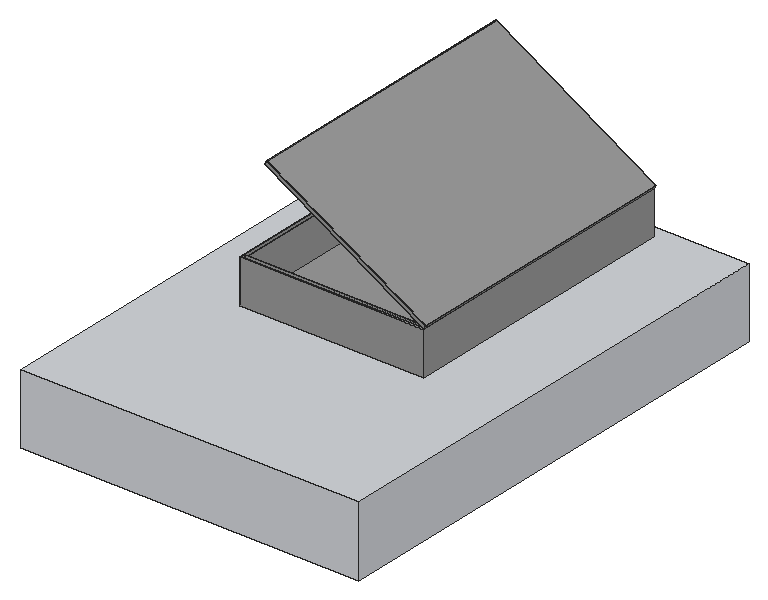
Revit family "Hager-Univers-IP44-D205-H1250-Cl.II-Encl-CH-fr", category Equipement électrique, Revit 2020
Family settings
  Hôte = Face
  Configuration du panneau = Deux colonnes, circuits au sein
  Cote de connecteur circulaire = Utiliser le diamètre
  Type d'élément = Tableau de raccordement
  Couper avec des vides une fois chargée = Non
  Partagée = Non
  Point de calcul de pièce = Non
Parameters (values of type "saillie IP44 L800 H1250 P205  - FP83QS")
  Width Control [instance] = if([EF000008 - largeur] > Min Width, [EF000008 - largeur], Min Width)  # 800 mm
  Commentaires du type = [HG000003 - Gamme]  # "Univers"
  Thickness Door [instance] = if([EF009171 - épaisseur de matériau de la porte/du couvercle] > 3 mm, 3 mm, [EF009171 - épaisseur de matériau de la porte/du couvercle])  # 1 mm
  Seal Frame Offset [instance] = 17 mm  # constant formula
  Plinth Visibility [instance] = [HG000027 - Hauteur du socle] > 0 mm  # no
  Model = ""
  Min Width [instance] = 100 mm  # constant formula
  Min Height [instance] = 100 mm  # constant formula
  Min Depth [instance] = (2 * [EF009170 - épaisseur de matériau du boîtier]) + 1 mm  # 3 mm
  Internal Frame Depth [instance] = (Door System Depth * 0.5)  # 9 mm
  Height Control [instance] = if([EF000040 - hauteur] > Min Height, [EF000040 - hauteur], Min Height)  # 1250 mm
  HG000027 - Hauteur du socle = 0 mm
  HG000026 - Installation au sol = no
  HG000024 - Hauteur de la section basse = 800 mm
  HG000023 - Armoire double section = no
  HG000016 - Visibilité de la porte 3D [instance] = yes
  HG000015 - Visibilité de l'emprise de la porte [instance] = no
  HG000014 - Porte à droite [instance] = yes
  HG000013 - Porte à gauche [instance] = not([HG000014 - Porte à droite])  # no
  HG000012 - Angle de pivotement de la porte [instance] = 30.00°
  HG000010 - Portes asymétriques = no
  HG000009 - Porte à double battant = no
  HG000006 - Encastré = no
  HG000004 - Référence fabricant = "FP83QS"
  HG000003 - Gamme = "Univers"
  HG000002 - avec porte = yes
  Frame Offset Bottom [instance] = 10 mm  # constant formula
  Frame Offset [instance] = 15 mm  # constant formula
  EF015940 - couvercle avec décharge de pression = no
  EF011959 - degré de protection (NEMA) = ""
  EF009554 - nombre d'ouvertures pour plaques à bride = 6
  Fabricant = "Hager"  # constant formula
  EF009212 - finition du couvercle = "EV000116 - fermé"
  EF009171 - épaisseur de matériau de la porte/du couvercle = 1 mm
  EF009170 - épaisseur de matériau du boîtier = 1 mm
  EF008873 - courant nominal (In) = 250 A
  EF007800 - adapté à un parafoudre = no
  EF006306 - avec serrure = no
  EF006244 - couvercle/porte transparent(e) = no
  EF005474 - indice de protection (IP) = "EV006418 - IP44"
  EF004464 - type de porte = "EV002646 - unique"
  EF004427 - nombre de modules = 288
  EF004293 - indice de protection contre les chocs (IK) = "EV006815 - IK09"
  EF003532 - convient pour utilisation à l’extérieur = no
  EF002950 - largeur en nombre de modules = 36
  EF001613 - maintien de fonction = "EV000494 - sans"
  EF001596 - matériau du boîtier/corps = "EV000179 - acier"
  EF001131 - profondeur intérieure = 143 mm
  EF001088 - possibilité de montage en saillie = yes
  EF000437 - nombre d'entrées de conduit = 6
  EF000339 - type de capot = "EV001012 - couvercle"
  EF000266 - nombre de rangées = 8
  EF000218 - profondeur d'encastrement = 0 mm
  EF000118 - avec cadre/support de montage = no
  EF000116 - numéro RAL = "9010"
  EF000049 - profondeur = 205 mm
  EF000040 - hauteur = 1250 mm
  EF000008 - largeur = 800 mm
  EF000007 - couleur = "EV000202 - blanc"
  EF000003 - mode de pose = "EV000384 - saillie"
  Door System Leaf Tolerance [instance] = 1.5 mm  # constant formula
  Door System Depth [instance] = 18 mm  # constant formula
  Door Height [instance] = Height Control - [HG000027 - Hauteur du socle]  # 1250 mm
  Depth Control [instance] = if([EF000049 - profondeur] > Min Depth, [EF000049 - profondeur], Min Depth)  # 205 mm
  Default Elevation = 0 mm
  Connector Offset [instance] = Height Control / 2  # 625 mm
  Bottom Top Plate Trim [instance] = 1.5 mm  # constant formula
  Plinth height Ctrl [instance] = if([HG000027 - Hauteur du socle] > 0 mm, [HG000027 - Hauteur du socle], 12 mm)  # 12 mm
Types (5, lengths in mm): name | Width Control | HG000009 - Porte à double battant | HG000004 - Référence fabricant | EF009554 - nombre d'ouvertures pour plaques à bride | EF004464 - type de porte | EF004427 - nombre de modules | EF002950 - largeur en nombre de modules | EF000437 - nombre d'entrées de conduit | EF000008 - largeur
  saillie IP44 L1050 H1250 P205  - FP84QS | 1050 | yes | "FP84QS" | 8 | "EV003602 - double" | 384 | 48 | 8 | 1050
  saillie IP44 L1300 H1250 P205  - FP85QS | 1300 | yes | "FP85QS" | 10 | "EV003602 - double" | 480 | 60 | 10 | 1300
  saillie IP44 L300 H1250 P205  - FP81QS | 300 | no | "FP81QS" | 2 | "EV002646 - unique" | 96 | 12 | 2 | 300
  saillie IP44 L550 H1250 P205  - FP82QS | 550 | no | "FP82QS" | 4 | "EV002646 - unique" | 192 | 24 | 4 | 550
  saillie IP44 L800 H1250 P205  - FP83QS | 800 | no | "FP83QS" | 6 | "EV002646 - unique" | 288 | 36 | 6 | 800
Reference planes
  plane 1 "Center (Front/Back)": y = 0
  plane 2: z = 0
  plane 3 "Center (Left/Right)": x = 0
  plane 4: z = 205
  plane 5: y = 1
  plane 6: y = 625
  plane 7: y = 0
  plane 8: y = 1250
  plane 9: z = 0
  plane 10: x = -385
  plane 11: x = 385
  plane 12: x = 384
  plane 13: x = -384
  plane 14: y = 1249
  plane 15: x = -383
  plane 16: x = -400
  plane 17: x = 383
  plane 18: x = 400
  plane 19: x = 399
  plane 20: x = -399
  plane 21: y = 11
  plane 22: y = 1250
  plane 23: y = 1234
  plane 24: z = 187
  plane 25: z = 1
  plane 26: z = 186
  plane 27: z = 204
Forms (mm)
  Extrusion 1, solid
    sketch origin (0, 0, 0) x (1, 0, 0) y (0, 1, 0)
      loop
        line (-702.964, 1305) -> (-702.964, -811.445) -> (766.763, -811.445) -> (766.763, 1305) -> (-702.964, 1305)
    from 0 to -304.8
  Extrusion 2, solid, material "Hager_Steel_RAL7035_Light_Grey", visible <- "Plinth Visibility", detail levels medium+fine
    sketch origin (0, 0, 0) x (1, 0, 0) y (0, 1, 0)
      loop
        line (-400, 0) -> (400, 0) -> (400, 12) -> (-400, 12) -> (-400, 0)
    from 0 to 187
  Extrusion 3, solid, material "Hager_Steel_RAL7035_Light_Grey", detail levels medium+fine
    sketch origin (0, 0, 0) x (1, 0, 0) y (0, 1, 0)
      loop
        line (-400, 0) -> (400, 0) -> (400, 1250) -> (-400, 1250) -> (-400, 0)
    from 0 to 187
  Extrusion 4, void
    sketch origin (0, 0, 0) x (1, 0, 0) y (0, 1, 0)
      loop
        line (-399, 1) -> (399, 1) -> (399, 1249) -> (-399, 1249) -> (-399, 1)
    from 1 to 186
  Extrusion 5, void
    sketch origin (-381.607, -4572, 187) x (0, -1, 0) y (-1, 0, 0)
      loop
        line (-4583, 2.393) -> (-5806, 2.393) -> (-5806, -765.607) -> (-4583, -765.607) -> (-4583, 2.393)
    from 0 to 1 <- "EF009170 - épaisseur de matériau du boîtier"
  Extrusion 6, solid, material "Hager_Steel_RAL7035_Light_Grey", detail levels fine
    sketch origin (0, 0, 187) x (1, 0, 0) y (0, 1, 0)
      loop
        line (-384, 1234) -> (-384, 11) -> (384, 11) -> (384, 1234) -> (-384, 1234)
      loop
        line (-385, 10) -> (385, 10) -> (385, 1235) -> (-385, 1235) -> (-385, 10)
    from 0 to 9 <- "Internal Frame Depth"
  Extrusion 7, solid, material "Hager_Steel_RAL7035_Light_Grey", detail levels coarse
    sketch origin (0, 0, 0) x (1, 0, 0) y (0, 1, 0)
      loop
        line (-400, 0) -> (400, 0) -> (400, 1250) -> (-400, 1250) -> (-400, 0)
    from 0 to 205
  Sweep 8, void
    path in 3D
      loop
        line (-400, 12, 0) -> (400, 12, 0) -> (400, 12, 187) -> (-400, 12, 187) -> (-400, 12, 0)
    profile origin (-400, 12, 93.5) x (-1, 0, 0) y (0, -1, 0)
      loop
        line (0, 0) -> (0, 1.5) -> (-1.5, 1.5)
        arc (-1.5, 1.5) -> (-1.061, 0.439) -> (0, 0) r 1.5
Cuts and joins
  Extrusion 4, Extrusion 5 cuts Extrusion 3
  Sweep 8 cuts Extrusion 2
Lines and regions (mm)
  Masking region 1
    outline origin (0, 0, 0) x (1, 0, 0) y (0, 0, 1)
      loop
        line (-400, 205) -> (-400, 0) -> (400, 0) -> (400, 205) -> (-400, 205)
  Masking region 2, detail levels medium+fine
    outline origin (0, 140, 0) x (0, 1, 0) y (0, 0, 1)
      loop
        line (-140, 0) -> (1110, 0) -> (1110, 187) -> (-140, 187) -> (-140, 0)
  Masking region 3, not visible, detail levels medium+fine
    outline origin (0, 297.922, 0) x (0, 1, 0) y (0, 0, 1)
      loop
        line (338.578, 0) -> (378.578, 0) -> (378.578, 194)
        arc (378.578, 194) -> (375.649, 201.071) -> (368.578, 204) r 10
        line (368.578, 204) -> (338.578, 204) -> (338.578, 0)
  Masking region 4, detail levels coarse
    outline origin (0, 0, 180) x (0, 1, 0) y (0, 0, 1)
      loop
        line (0, -180) -> (1250, -180) -> (1250, 25) -> (0, 25) -> (0, -180)
  Masking region 5, visible <- "Plinth Visibility", detail levels medium+fine
    outline origin (0, 52.24, 12.345) x (0, 0, -1) y (0, 1, 0)
      loop
        line (10.845, -40.24) -> (-173.155, -40.24)
        arc (-173.155, -40.24) -> (-173.594, -41.301) -> (-174.655, -41.74) r 1.5
        line (-174.655, -41.74) -> (-174.655, -52.24) -> (12.345, -52.24) -> (12.345, -41.74)
        arc (12.345, -41.74) -> (11.285, -41.301) -> (10.845, -40.24) r 1.5
  Masking region 6, detail levels medium+fine
    outline origin (-381.607, -4572, 187) x (-1, 0, 0) y (0, -1, 0)
      loop
        line (18.393, -5822) -> (18.393, -4572) -> (-781.607, -4572) -> (-781.607, -5822) -> (18.393, -5822)
  Masking region 7, visible <- "Plinth Visibility", detail levels medium+fine
    outline origin (-381.607, -4727, 187) x (-1, 0, 0) y (0, -1, 0)
      loop
        arc (16.893, -4739) -> (17.332, -4737.939) -> (18.393, -4737.5) r 1.5
        line (18.393, -4737.5) -> (18.393, -4727) -> (-781.607, -4727) -> (-781.607, -4737.5)
        arc (-781.607, -4737.5) -> (-780.546, -4737.939) -> (-780.107, -4739) r 1.5
        line (-780.107, -4739) -> (16.893, -4739)
  Masking region 8, detail levels coarse
    outline origin (-442.548, -4669.526, 187) x (-1, 0, 0) y (0, -1, 0)
      loop
        line (-42.548, -5919.526) -> (-42.548, -4669.526) -> (-842.548, -4669.526) -> (-842.548, -5919.526) -> (-42.548, -5919.526)
  sketch lines
    curve 1: line (-400, 12, 187) -> (-400, 12, 0)
    curve 2: line (400, 12, 187) -> (-400, 12, 187)
    curve 3: line (400, 12, 187) -> (400, 12, 0)
    curve 4: line (-400, 12, 0) -> (400, 12, 0)
Dimensions and locks
  "Depth Control": plane 4 to Extrusion 1
  "HG000027 - Hauteur du socle": plane 1 "Center (Front/Back)" to plane 7
  "EF009170 - épaisseur de matériau du boîtier": plane 5 to plane 7
  locked: connector elem to plane 3 "Center (Left/Right)"
  equal spacing: plane 8, plane 6, plane 7
  locked: connector elem to plane 6
  "EF009170 - épaisseur de matériau du boîtier": plane 8 to plane 14
  "EF009170 - épaisseur de matériau du boîtier": plane 10 to plane 13
  "EF009170 - épaisseur de matériau du boîtier": plane 12 to plane 11
  "Frame Offset": plane 20 to plane 13
  "Frame Offset": plane 12 to plane 19
  "EF009170 - épaisseur de matériau du boîtier": plane 16 to plane 20
  "EF009170 - épaisseur de matériau du boîtier": plane 19 to plane 18
  "Seal Frame Offset": plane 16 to plane 15
  "Seal Frame Offset": plane 17 to plane 18
  "Frame Offset Bottom": plane 21 to plane 5
  "Frame Offset": plane 14 to plane 23
  equal spacing: plane 16, plane 3 "Center (Left/Right)", plane 18
  "Width Control": plane 16 to plane 18
  "EF009170 - épaisseur de matériau du boîtier": plane 4 to plane 27
  "EF009170 - épaisseur de matériau du boîtier": plane 24 to plane 26
  "EF009170 - épaisseur de matériau du boîtier": plane 25 to level
  "Door System Depth": plane 4 to plane 24
  "Height Control": plane 1 "Center (Front/Back)" to Extrusion 7 sketch curve
  "Height Control": Masking region 4 sketch curve to plane 1 "Center (Front/Back)"
  "Height Control": plane 1 "Center (Front/Back)" to plane 22
  "Bottom Top Plate Trim": profile plane to Sweep 8 sketch curve
  "Bottom Top Plate Trim": Sweep 8 sketch curve to profile plane
  "Plinth height Ctrl": plane 1 "Center (Front/Back)" to Extrusion 2 sketch curve
  "Plinth height Ctrl": Masking region 5 sketch curve to plane 1 "Center (Front/Back)"
  "Plinth height Ctrl": plane 1 "Center (Front/Back)" to Masking region 7 sketch curve
  "Thickness Door": Extrusion 6 sketch curve to Extrusion 6 sketch curve  (x3)
  "Thickness Door": cut or joined group of Extrusion 3, Extrusion 4, Extrusion 5 to Extrusion 6 sketch curve
  radius of Masking region 3 sketch curve = 10 mm
  "Bottom Top Plate Trim": radius of Masking region 5 sketch curve  (x2)
  "Bottom Top Plate Trim": radius of Sweep 8 sketch curve
  "Bottom Top Plate Trim": radius of Masking region 7 sketch curve  (x2)
  aligned and locked: plane 2 to Extrusion 1
  aligned and locked: level to Extrusion 1
  aligned and locked: level to Masking region 1 sketch curve
  aligned and locked: Masking region 1 sketch curve to plane 18
  aligned and locked: Masking region 1 sketch curve to plane 16
  aligned and locked: plane 7 to Masking region 2 sketch curve
  aligned and locked: level to Masking region 3 sketch curve
  aligned and locked: Masking region 3 sketch curve to plane 27
  aligned and locked: level to Masking region 2 sketch curve
  aligned and locked: plane 1 "Center (Front/Back)" to Extrusion 2 sketch curve
  aligned and locked: Extrusion 3 sketch curve to plane 7
  aligned and locked: plane 16 to Extrusion 3 sketch curve
  aligned and locked: plane 18 to Extrusion 3 sketch curve
  aligned and locked: plane 20 to Extrusion 4 sketch curve
  aligned and locked: plane 19 to Extrusion 4 sketch curve
  aligned and locked: Extrusion 4 sketch curve to plane 5
  aligned and locked: Extrusion 4 to plane 25
  aligned and locked: plane 26 to Extrusion 4
  aligned and locked: plane 24 to Extrusion 3
  aligned and locked: Extrusion 5 sketch curve to plane 21
  aligned and locked: Extrusion 5 sketch curve to plane 13
  aligned and locked: Extrusion 5 sketch curve to plane 12
  aligned and locked: plane 18 to Extrusion 7 sketch curve
  aligned and locked: plane 1 "Center (Front/Back)" to Extrusion 7 sketch curve
  aligned and locked: plane 16 to Extrusion 7 sketch curve
  aligned and locked: plane 4 to Extrusion 7
  aligned and locked: Extrusion 7 to level
  aligned and locked: level to Masking region 4 sketch curve
  aligned and locked: Masking region 4 sketch curve to plane 1 "Center (Front/Back)"
  aligned and locked: Masking region 4 sketch curve to plane 4
  aligned and locked: nested 1 to level
  aligned and locked: nested 1 to plane 16
  aligned and locked: plane 8 to Extrusion 3 sketch curve
  aligned and locked: plane 23 to Extrusion 5 sketch curve
  aligned and locked: plane 14 to Extrusion 4 sketch curve
  aligned and locked: Masking region 2 sketch curve to plane 8
  aligned and locked: level to Masking region 5 sketch curve
  aligned and locked: plane 16 to Extrusion 2 sketch curve
  aligned and locked: plane 18 to Extrusion 2 sketch curve
  aligned and locked: Masking region 5 sketch curve to plane 24
  aligned and locked: Masking region 2 sketch curve to plane 24
  aligned and locked: plane 24 to Extrusion 2
  aligned and locked: profile plane to Sweep 8 sketch curve  (x2)
  aligned and locked: Masking region 6 sketch curve to plane 18
  aligned and locked: Masking region 6 sketch curve to plane 22
  aligned and locked: Masking region 6 sketch curve to plane 16
  aligned and locked: plane 8 to plane 22
  aligned and locked: Masking region 6 sketch curve to plane 7
  aligned and locked: Masking region 7 sketch curve to plane 16
  aligned and locked: Masking region 7 sketch curve to plane 1 "Center (Front/Back)"
  aligned and locked: Masking region 7 sketch curve to plane 18
  aligned and locked: Masking region 8 sketch curve to plane 1 "Center (Front/Back)"
  aligned and locked: Masking region 8 sketch curve to plane 18
  aligned and locked: Masking region 8 sketch curve to plane 22
  aligned and locked: Masking region 8 sketch curve to plane 16
  aligned and locked: nested 2 to plane 7
  aligned and locked: plane 3 "Center (Left/Right)" to nested 2
  aligned and locked: nested 2 to plane 24
  aligned and locked: Extrusion 6 sketch curve to cut or joined group of Extrusion 3, Extrusion 4, Extrusion 5  (x4)
Automatic sketch dimensions
  Extrusion 1 sketch curve to Extrusion 1 sketch curve = 1469.727 mm
  Extrusion 1 sketch curve to Extrusion 1 sketch curve = 2116.445 mm
  Masking region 1 sketch curve to plane 4 = 0 mm
  plane 6 to Masking region 3 sketch curve = 11.5 mm
  Masking region 3 sketch curve to Masking region 3 sketch curve = 30 mm
  Masking region 5 sketch curve to plane 1 "Center (Front/Back)" = 0 mm
Nested families
  nested 1: "Hager_Enclosure_Symbol" at (-400, 0, 0) x (1, 0, 0) z (0, -1, 0), Height <- "Depth Control", Width <- "Width Control", type "Hager_Enclosure_Symbol"
    with Width_Ctrl 800 mm, Width 800 mm, Height_Ctrl 205 mm, Height 205 mm, A_Width_Int 13.453 mm, A_Width 161.438 mm, A_Height_Ctrl 179.375 mm, A_Height 179.375 mm
  nested 2: "EC000058_Univers_Door" at (0, 0, 187) x (1, 0, 0) z (0, 1, 0), Leaf_Tolerance <- "Door System Leaf Tolerance", Angle <- "HG000012 - Angle de pivotement de la porte", Door_Depth <- "Door System Depth", Door_Left <- "HG000013 - Porte à gauche", Transparent <- "EF006244 - couvercle/porte transparent(e)", Assymetrical <- "HG000010 - Portes asymétriques", Width <- "Width Control", Clearance <- "HG000015 - Visibilité de l'emprise de la porte", Double <- "HG000009 - Porte à double battant", 3d_Door <- "HG000016 - Visibilité de la porte 3D", Lock_Visibility <- "EF006306 - avec serrure", Width_Ctrl <- "Width Control", Door_Right <- "HG000014 - Porte à droite", Door <- "HG000002 - avec porte", Height <- "Door Height", Thickness <- "Thickness Door", type "EC000058_Univers_Door", detail levels medium+fine
    with min_wh 3 mm, Width_Ctrl 800 mm, Width 800 mm, Transparent no, Thickness 1 mm, Seal_Material Hager_Rubber, Lock_Visibility no, Lock_Material Hager_Plastic_RAL9005_Jet_Black, Leaf_Width 800 mm, Leaf_Tolerance_External_Sides 0 mm, Leaf_Tolerance 1.5 mm, Leaf_Offset 0 mm, Leaf_Height 1247 mm, Leaf_2_Width 800 mm, Leaf_2_Offset 400 mm, Leaf_1_Width 800 mm, Leaf_1_Offset 400 mm, Height_Ctrl 1250 mm, Height 1250 mm, Glass_Material Hager_Glass, Double_Clearance_Ctrl no, Double no, Door_Right_Ctrl yes, Door_Right yes, Door_Material Hager_Steel_RAL7035_Light_Grey, Door_Left_Ctrl no, Door_Left no, Door_Depth 18 mm, Door yes, Clearance_Material Hager_Clearance, Clearance_Depth 800 mm, Clearance_Ctrl no, Clearance no, Assymetrical no, Angle 30.00°, 3d_Door yes
Connectors
  electrical at (0, 625, 0)
    settings: on plane 9, index 1, voltage 0 V, apparent load 0 VA, apparent load phase1 0 VA, apparent load phase2 0 VA, apparent load phase3 0 VA, power factor 1, load classification "Other", number of poles 1, system type 30, power factor state 1, is connector primary yes, connector utility no, sub classification motor no, connector description ""
Definition of nested family "EC000058_Univers_Door"
  Parameters (values of type "EC000058_Univers_Door")
    min_wh [instance] = (2 * Thickness) + 1 mm  # 11 mm
    Width_Ctrl [instance] = 400 mm
    Width [instance] = 500 mm
    Transparent [instance] = yes
    Thickness [instance] = 5 mm
    Seal_Material [instance] = none
    Lock_Visibility [instance] = yes
    Lock_Material [instance] = none
    Leaf_Width [instance] = if((Width_Ctrl - 2 * Leaf_Tolerance_External_Sides) > 0 mm, (Width_Ctrl - 2 * Leaf_Tolerance_External_Sides), min_wh)  # 400 mm
    Leaf_Tolerance_External_Sides [instance] = 0 mm  # constant formula
    Leaf_Tolerance [instance] = 1.5 mm
    Leaf_Offset [instance] = 0 mm  # constant formula
    Leaf_Height [instance] = if((Height_Ctrl - 2 * Leaf_Tolerance) > 0 mm, (Height_Ctrl - 2 * Leaf_Tolerance), min_wh)  # 497 mm
    Leaf_2_Width [instance] = if(and(and(Double, Assymetrical), Door_Left), (Leaf_Width / 3) - (Leaf_Tolerance / 2), if(and(and(Double, Assymetrical), Door_Right), (Leaf_Width / 3) * 2 - (Leaf_Tolerance / 2), if(and(Double, not(Assymetrical)), (Leaf_Width / 2) - Leaf_Tolerance, Leaf_Width)))  # 400 mm
    Leaf_2_Offset [instance] = if(and(Double, Assymetrical), Leaf_2_Width / 2, if(and(Double, not(Assymetrical)), Leaf_Width / 4, Leaf_Width / 2))  # 200 mm
    Leaf_1_Width [instance] = if(and(and(Double, Assymetrical), Door_Right), (Leaf_Width / 3) - (Leaf_Tolerance / 2), if(and(and(Double, Assymetrical), Door_Left), (Width / 3) * 2 - (Leaf_Tolerance / 2), if(and(Double, not(Assymetrical)), (Leaf_Width / 2) - Leaf_Tolerance, Leaf_Width)))  # 400 mm
    Leaf_1_Offset [instance] = if(and(Double, Assymetrical), Leaf_1_Width / 2, if(and(Double, not(Assymetrical)), Leaf_Width / 4, Leaf_Width / 2))  # 200 mm
    Height_Ctrl [instance] = if(Height > min_wh, Height, min_wh)  # 500 mm
    Height [instance] = 500 mm
    Glass_Material [instance] = none
    Double_Clearance_Ctrl [instance] = and(Double, Clearance)  # no
    Double [instance] = no
    Door_Right_Ctrl [instance] = and(or(Door_Right, Double), Door)  # yes
    Door_Right [instance] = yes
    Door_Material [instance] = none
    Door_Left_Ctrl [instance] = and(or(Door_Left, Double), Door)  # no
    Door_Left [instance] = no
    Door_Depth [instance] = 30 mm
    Door [instance] = yes
    Default Elevation = 1219.2 mm
    Clearance_Material [instance] = none
    Clearance_Depth [instance] = if(Leaf_1_Width > Leaf_2_Width, Leaf_1_Width, Leaf_2_Width)  # 400 mm
    Clearance_Ctrl [instance] = and(not(Double), Clearance)  # yes
    Clearance [instance] = yes
    Assymetrical [instance] = yes
    Angle [instance] = 30.00°
    3d_Door [instance] = yes
  Reference planes
    plane 1 "Center (Front/Back)": y = 0
    plane 2 "Bottom": z = 0
    plane 3 "Center (Left/Right)": x = 0
    plane 4: z = 500
    plane 5: x = -200
    plane 6: x = 200
    plane 7: z = 500
    plane 8: x = -200
    plane 9: z = 0
    plane 10: x = 200
    plane 11: y = 0
    plane 12: z = 1.5
    plane 13: x = -600
    plane 14: y = -400
    plane 15: x = 600
    plane 16: x = 0
    plane 17: x = 0
    plane 18: x = -200
    plane 19: x = 200
    plane 20: z = 498.5
  Forms (mm)
    Extrusion 1, solid, material <- "Clearance_Material", visible <- "Double_Clearance_Ctrl"
      sketch origin (1200, 0, 0) x (1, 0, 0) y (0, 0, -1)
        loop
          line (-1800, -498.5) -> (-600, -498.5) -> (-600, 0) -> (-1800, 0) -> (-1800, -498.5)
      from 0 to -400
  Dimensions and locks
    equal spacing: plane 5, plane 3 "Center (Left/Right)", plane 6
    "Width_Ctrl": plane 5 to plane 6
    "Leaf_Offset": plane 5 to plane 8
    "Leaf_Offset": plane 6 to plane 10
    "Leaf_Offset": plane 9 to level
    "Leaf_Offset": plane 4 to plane 7
    "Height_Ctrl": plane 4 to level
    "Leaf_Tolerance": plane 12 to plane 9
    locked: plane 11 to plane 1 "Center (Front/Back)"
    "Leaf_1_Offset": plane 18 to plane 16
    "Leaf_2_Offset": plane 17 to plane 19
    "Leaf_1_Width": plane 13 to plane 8
    "Leaf_2_Width": plane 10 to plane 15
    "Clearance_Depth": plane 14 to plane 1 "Center (Front/Back)"
    "Leaf_Tolerance_External_Sides": plane 8 to plane 18
    "Leaf_Tolerance_External_Sides": plane 19 to plane 10
    "Leaf_Tolerance": plane 7 to plane 20
    aligned and locked: level to plane 2 "Bottom"
    aligned and locked: nested 1 to plane 16
    aligned and locked: nested 2 to plane 17
    aligned and locked: Extrusion 1 to plane 13
    aligned and locked: plane 15 to Extrusion 1
    aligned and locked: Extrusion 1 to plane 14
    aligned and locked: plane 12 to nested 1
    aligned and locked: nested 2 to plane 12
    aligned and locked: Extrusion 1 to plane 11
    aligned and locked: plane 20 to Extrusion 1
    aligned and locked: nested 2 to plane 11
    aligned and locked: nested 1 to plane 11
  Automatic sketch dimensions
    Extrusion 1 sketch curve to level = 0 mm
    plane 5 to Extrusion 1 sketch curve = 400 mm
    plane 6 to Extrusion 1 sketch curve = 400 mm
    Extrusion 1 sketch curve to plane 4 = 1.5 mm
  Nested families
    nested 1: "EC000058_Univers_Door_Leaf" at (0, 0, 1.5), Width <- "Leaf_1_Width", visible <- "Door_Left_Ctrl", Leaf_Height <- "Leaf_Height", Angle <- "Angle", 3d_Door <- "3d_Door", Transparent <- "Transparent", Clearance Material <- "Clearance_Material", Clearance <- "Clearance_Ctrl", Door_Material <- "Door_Material", Glass_Material <- "Glass_Material", Door_Depth <- "Door_Depth", Lock_Material <- "Lock_Material", Seal_Material <- "Seal_Material", Lock_Visibility <- "Lock_Visibility", Thickness <- "Thickness", type "EC000058_Univers_Door_Leaf"
      with Width 400 mm, Transparent_Glass_Offset 30 mm, Transparent_Ctrl yes, Transparent yes, Thickness 5 mm, Standard no, Seal_Material none, Seal_D2 8 mm, Seal_D1 1 mm, Offset_Internal_Frame 10 mm, Lock_Width 20 mm, Lock_Visibility_3d yes, Lock_Visibility yes, Lock_Thickness_3 3 mm, Lock_Thickness_2 1 mm, Lock_Thickness_1 3 mm, Lock_Radius_Offset_2 16 mm, Lock_Radius_Offset_1 15 mm, Lock_Radius_2 5 mm, Lock_Radius 6 mm, Lock_Offset 5 mm, Lock_Material none, Lock_Height 80 mm, Lock_Cover_Top_Offset_2d 17 mm, Lock_Cover_Height -65 mm, Leaf_Height 497 mm, Internal_Seal_Thickness 8 mm, Internal_Seal_Depth_2 4.5 mm, Internal_Frame_Depth 25 mm, Glass_Thickness -1 mm, Glass_Offset -2 mm, Glass_Material none, Door_Material none, Door_Depth 30 mm, Clearance Material none, Clearance yes, Angle_Ctrl 30.00°, Angle 30.00°, 3d_Door yes
    nested 2: "EC000058_Univers_Door_Leaf" at (0, 0, 1.5) x (-1, 0, 0) z (0, 0, 1), Width <- "Leaf_2_Width", visible <- "Door_Right_Ctrl", Leaf_Height <- "Leaf_Height", Angle <- "Angle", 3d_Door <- "3d_Door", Transparent <- "Transparent", Clearance Material <- "Clearance_Material", Clearance <- "Clearance_Ctrl", Door_Material <- "Door_Material", Glass_Material <- "Glass_Material", Door_Depth <- "Door_Depth", Lock_Material <- "Lock_Material", Seal_Material <- "Seal_Material", Lock_Visibility <- "Lock_Visibility", Thickness <- "Thickness", type "EC000058_Univers_Door_Leaf"
      with Width 400 mm, Transparent_Glass_Offset 30 mm, Transparent_Ctrl yes, Transparent yes, Thickness 5 mm, Standard no, Seal_Material none, Seal_D2 8 mm, Seal_D1 1 mm, Offset_Internal_Frame 10 mm, Lock_Width 20 mm, Lock_Visibility_3d yes, Lock_Visibility yes, Lock_Thickness_3 3 mm, Lock_Thickness_2 1 mm, Lock_Thickness_1 3 mm, Lock_Radius_Offset_2 16 mm, Lock_Radius_Offset_1 15 mm, Lock_Radius_2 5 mm, Lock_Radius 6 mm, Lock_Offset 5 mm, Lock_Material none, Lock_Height 80 mm, Lock_Cover_Top_Offset_2d 17 mm, Lock_Cover_Height -65 mm, Leaf_Height 497 mm, Internal_Seal_Thickness 8 mm, Internal_Seal_Depth_2 4.5 mm, Internal_Frame_Depth 25 mm, Glass_Thickness -1 mm, Glass_Offset -2 mm, Glass_Material none, Door_Material none, Door_Depth 30 mm, Clearance Material none, Clearance yes, Angle_Ctrl 30.00°, Angle 30.00°, 3d_Door yes
  Definition of nested family "EC000058_Univers_Door_Leaf"
    Parameters (values of type "EC000058_Univers_Door_Leaf")
      Width [instance] = 2000 mm
      Transparent_Glass_Offset [instance] = 30 mm
      Transparent_Ctrl [instance] = and(Transparent, [3d_Door])  # yes
      Transparent [instance] = yes
      Thickness [instance] = 5 mm
      Standard [instance] = and(not(Transparent), [3d_Door])  # no
      Seal_Material [instance] = none
      Seal_D2 [instance] = 8 mm  # constant formula
      Seal_D1 [instance] = 1 mm  # constant formula
      Offset_Internal_Frame [instance] = 10 mm  # constant formula
      Lock_Width [instance] = 20 mm  # constant formula
      Lock_Visibility_3d [instance] = and(Lock_Visibility, [3d_Door])  # yes
      Lock_Visibility [instance] = yes
      Lock_Thickness_3 [instance] = 3 mm  # constant formula
      Lock_Thickness_2 [instance] = 1 mm  # constant formula
      Lock_Thickness_1 [instance] = 3 mm  # constant formula
      Lock_Radius_Offset_2 [instance] = Lock_Radius_Offset_1 + 1 mm  # 16 mm
      Lock_Radius_Offset_1 [instance] = 15 mm  # constant formula
      Lock_Radius_2 [instance] = Lock_Radius - 1 mm  # 5 mm
      Lock_Radius [instance] = 6 mm  # constant formula
      Lock_Offset [instance] = 5 mm  # constant formula
      Lock_Material [instance] = none
      Lock_Height [instance] = 80 mm  # constant formula
      Lock_Cover_Top_Offset_2d [instance] = Lock_Radius_Offset_2 + 1 mm  # 17 mm
      Lock_Cover_Height [instance] = -(Lock_Height - Lock_Radius_Offset_1)  # -65 mm
      Leaf_Height [instance] = 2720.336 mm
      Internal_Seal_Thickness [instance] = 8 mm  # constant formula
      Internal_Seal_Depth_2 [instance] = 4.5 mm  # constant formula
      Internal_Frame_Depth [instance] = if(Door_Depth - Thickness > 5 mm, Door_Depth - Thickness, 5 mm)  # 25 mm
      Glass_Thickness [instance] = if(Thickness > 15 mm, Glass_Offset + 10 mm, -1 mm)  # -1 mm
      Glass_Offset [instance] = if(Thickness > 15 mm, -(Thickness + 10 mm) / 2, -2 mm)  # -2 mm
      Glass_Material [instance] = none
      Door_Material [instance] = none
      Door_Depth [instance] = 30 mm
      Default Elevation = 0 mm
      Clearance Material [instance] = none
      Clearance [instance] = yes
      Angle_Ctrl [instance] = if(Angle > 180.00°, 180.00°, Angle)  # 90.00°
      Angle [instance] = 90.00°
      3d_Door [instance] = yes
    Reference planes
      plane 1 "Center (Front/Back)": y = 0
      plane 2: z = 0
      plane 3 "Center (Left/Right)": x = 0
      plane 4: y = 2000
      plane 5: x = -1000
      plane 6: x = 1000
      plane 7: x = -3000
      plane 8: z = 2720.336
      plane 9: z = 30
      plane 10: z = 2690.336
      plane 11: x = 970
      plane 12: x = -970
      plane 13: y = -3
      plane 14: z = 107.833
      plane 15: y = -5
      plane 16: y = -223.314
      plane 17: x = -1000
      plane 18: z = 1360.168
      plane 19: y = 30
    Forms (mm)
      Extrusion 1, solid, material <- "Clearance Material", visible <- "Clearance"
        sketch origin (0, 0, 0) x (1, 0, 0) y (0, 0, 1)
          loop
            line (-3000, 2720.336) -> (-3000, 0) -> (1000, 0) -> (1000, 2720.336) -> (-3000, 2720.336)
        from 0 to -2000
      Extrusion 2, solid, material <- "Door_Material", visible <- "Standard", detail levels medium+fine
        sketch origin (-1000, 0, 0) x (0, 1, 0) y (-1, 0, 0)
          loop
            line (0, 30) -> (0, 25) -> (2000, 25) -> (2000, 30) -> (0, 30)
        from 0 to 2720.336 <- "Leaf_Height"
      Extrusion 3, solid, material <- "Door_Material", visible <- "Transparent_Ctrl", detail levels medium+fine
        sketch origin (-1000, 0, 0) x (0, 1, 0) y (-1, 0, 0)
          loop
            line (0, 25) -> (2000, 25) -> (2000, 30) -> (0, 30) -> (0, 25)
        from 0 to 2720.336 <- "Leaf_Height"
      Extrusion 4, void
        sketch origin (-1025, 2000, 0) x (0, 1, 0) y (0, 0, -1)
          loop
            line (-30, -2690.336) -> (-30, -30) -> (-1970, -30) -> (-1970, -2690.336) -> (-30, -2690.336)
        from 0 to 5 <- "Thickness"
      Sweep 5, solid, material <- "Seal_Material", visible <- "Transparent_Ctrl", detail levels fine
        path in 3D
          loop
            line (-1025, 30, 30) -> (-1025, 30, 2690.336) -> (-1025, 1970, 2690.336) -> (-1025, 1970, 30) -> (-1025, 30, 30)
        profile origin (-1025, 1000, 30) x (1, 0, 0) y (0, 0, 1)
          loop
            line (0, 0) -> (0, -8) -> (1, -8) -> (1, 0) -> (0, 0)
      Extrusion 6, solid, material <- "Glass_Material", visible <- "Transparent_Ctrl", detail levels medium+fine
        sketch origin (-1030, 0, 0) x (0, 1, 0) y (0, 0, -1)
          loop
            line (1970, -2690.336) -> (1970, -30) -> (30, -30) -> (30, -2690.336) -> (1970, -2690.336)
        from -2 <- "Glass_Offset" to -1 <- "Glass_Thickness"
      Extrusion 7, solid, material <- "Door_Material", visible <- "3d_Door", detail levels medium+fine
        sketch origin (-1025, 2000, 0) x (0, -1, 0) y (0, 0, -1)
          loop
            line (0, -2720.336) -> (2000, -2720.336) -> (2000, 0) -> (0, 0) -> (0, -2720.336)
          loop
            line (1995, -5) -> (5, -5) -> (5, -2715.336) -> (1995, -2715.336) -> (1995, -5)
        from 0 to 25 <- "Internal_Frame_Depth"
      Sweep 8, solid, material <- "Seal_Material", visible <- "Transparent_Ctrl", detail levels fine
        path in 3D
          loop
            line (-1025, 0, 0) -> (-1025, 2000, 0) -> (-1025, 2000, 2720.336) -> (-1025, 0, 2720.336) -> (-1025, 0, 0)
        profile origin (-1025, 0, 1360.168) x (1, 0, 0) y (0, 1, 0)
          loop
            line (0, 10) -> (2.975, 10)
            arc (2.975, 10) -> (4.053, 10.447) -> (4.5, 11.525) r 1.525
            line (4.5, 11.525) -> (4.5, 16.527)
            arc (4.5, 16.527) -> (4.069, 17.569) -> (3.027, 18) r 1.473
            line (3.027, 18) -> (0, 18) -> (0, 10)
      Extrusion 9, solid, material <- "Lock_Material", visible <- "Lock_Visibility_3d", detail levels fine
        sketch origin (-1030, 0, 0) x (0, 1, 0) y (0, 0, -1)
          loop
            arc (1993.5, -1400.168) -> (1994.561, -1399.729) -> (1995, -1398.668) r 1.5
            line (1995, -1398.668) -> (1995, -1320.168) -> (1975, -1320.168) -> (1975, -1398.668)
            arc (1975, -1398.668) -> (1975.439, -1399.729) -> (1976.5, -1400.168) r 1.5
            line (1976.5, -1400.168) -> (1993.5, -1400.168)
        from 3 <- "Lock_Thickness_1" to 0
      Blend 10, solid, material <- "Lock_Material", visible <- "Lock_Visibility_3d", detail levels fine
        base sketch origin (-1033, 0, 0) x (0, 1, 0) y (0, 0, -1)
          loop
            line (1975, -1320.168) -> (1975, -1398.668)
            arc (1975, -1398.668) -> (1975.439, -1399.729) -> (1976.5, -1400.168) r 1.5
            line (1976.5, -1400.168) -> (1993.5, -1400.168)
            arc (1993.5, -1400.168) -> (1994.561, -1399.729) -> (1995, -1398.668) r 1.5
            line (1995, -1398.668) -> (1995, -1320.168) -> (1975, -1320.168)
        top sketch origin (-1033, 0, 0) x (0, 1, 0) y (0, 0, -1)
          loop
            line (1976, -1320.168) -> (1976, -1398.668)
            arc (1976, -1398.668) -> (1976.146, -1399.022) -> (1976.5, -1399.168) r 0.5
            line (1976.5, -1399.168) -> (1993.5, -1399.168)
            arc (1993.5, -1399.168) -> (1993.854, -1399.022) -> (1994, -1398.668) r 0.5
            line (1994, -1398.668) -> (1994, -1320.168) -> (1976, -1320.168)
        from 0 to 1 <- "Lock_Thickness_2"
      Blend 11, solid, material <- "Lock_Material", visible <- "Lock_Visibility_3d", detail levels fine
        base sketch origin (-1034, 0, 0) x (0, 1, 0) y (0, 0, -1)
          loop
            line (1978, -1320.168) -> (1978, -1384.168)
            arc (1978, -1384.168) -> (1985, -1391.168) -> (1992, -1384.168) r 7
            line (1992, -1384.168) -> (1992, -1320.168) -> (1978, -1320.168)
        top sketch origin (-1034, 0, 0) x (0, 1, 0) y (0, 0, -1)
          loop
            line (1991, -1320.168) -> (1979, -1320.168) -> (1979, -1383.168)
            arc (1979, -1383.168) -> (1985, -1389.168) -> (1991, -1383.168) r 6
            line (1991, -1383.168) -> (1991, -1320.168)
        from 0 to 3 <- "Lock_Thickness_3"
      Extrusion 12, solid, material <- "Lock_Material", visible <- "Lock_Visibility_3d", detail levels fine
        sketch origin (-1030, 1975, 1320.168) x (1, 0, 0) y (0, -1, 0)
          loop
            line (-7, -19) -> (-7, -1) -> (0, -1) -> (0, 0) -> (-8, 0) -> (-8, -20) -> (0, -20) -> (0, -19) -> (-7, -19)
        from 0 to -65 <- "Lock_Cover_Height"
      Extrusion 13, void
        sketch origin (-1038, 1995, 1320.168) x (-1, 0, 0) y (0, 0, -1)
          loop
            line (-5, -65) -> (0, -65) -> (-5, -60) -> (-5, -65)
        from 0 to 20 <- "Lock_Width"
      Extrusion 14, void
        sketch origin (-1038, 1975, 1320.168) x (0, -1, 0) y (0, 0, -1)
          loop
            circle (-10, -15.995) r 6
          loop
            circle (-10, -15.995) r 5
        from 0 to 2
      Extrusion 15, solid, material <- "Lock_Material", visible <- "Lock_Visibility_3d", detail levels medium
        sketch origin (-1030, 0, 0) x (0, 1, 0) y (0, 0, -1)
          loop
            arc (1993.5, -1400.168) -> (1994.561, -1399.729) -> (1995, -1398.668) r 1.5
            line (1995, -1398.668) -> (1995, -1320.168) -> (1975, -1320.168) -> (1975, -1398.668)
            arc (1975, -1398.668) -> (1975.439, -1399.729) -> (1976.5, -1400.168) r 1.5
            line (1976.5, -1400.168) -> (1993.5, -1400.168)
        from 8 to 0
    Cuts and joins
      Extrusion 4 cuts Extrusion 3
      Extrusion 13, Extrusion 14 cuts Extrusion 9
      Extrusion 14 cuts Blend 11
      Extrusion 13, Extrusion 14 cuts Extrusion 12
      joined: Extrusion 9, Blend 10, Blend 11, Extrusion 12
      Extrusion 14 cuts Extrusion 15
    Lines and regions (mm)
      Masking region 1, visible <- "Lock_Visibility", detail levels fine
        outline origin (0, 0, 0) x (0, 1, 0) y (0, 0, 1)
          loop
            line (30, 1320.168) -> (33, 1320.168) -> (33, 1400.168) -> (30, 1400.168) -> (30, 1320.168)
      Masking region 2, visible <- "Lock_Visibility", detail levels fine
        outline origin (0, 3.143, 0) x (0, 1, 0) y (0, 0, 1)
          loop
            line (29.857, 1354.168) -> (30.857, 1354.168) -> (30.857, 1366.168) -> (29.857, 1366.168) -> (29.857, 1354.168)
      Masking region 3, detail levels medium+fine
        outline origin (0, 0, 0) x (0, 1, 0) y (0, 0, 1)
          loop
            line (0, 0) -> (30, 0) -> (30, 2720.336) -> (0, 2720.336) -> (0, 0)
      Masking region 4, detail levels medium+fine
        outline origin (0, 0, 0) x (1, 0, 0) y (0, 0, 1)
          loop
            line (-1000, 2720.336) -> (-1000, 0) -> (1000, 0) -> (1000, 2720.336) -> (-1000, 2720.336)
      Masking region 5, visible <- "Lock_Visibility", detail levels fine
        outline origin (-47.116, 0, 0) x (1, 0, 0) y (0, 0, 1)
          loop
            arc (1024.616, 1399.168) -> (1023.556, 1398.729) -> (1023.116, 1397.668) r 1.5
            line (1023.116, 1397.668) -> (1023.116, 1320.168) -> (1041.116, 1320.168) -> (1041.116, 1397.668)
            arc (1041.116, 1397.668) -> (1040.677, 1398.729) -> (1039.616, 1399.168) r 1.5
            line (1039.616, 1399.168) -> (1024.616, 1399.168)
      Masking region 6, visible <- "Lock_Visibility", detail levels medium+fine
        outline origin (-25, 0, 0) x (1, 0, 0) y (0, 0, 1)
          loop
            arc (1001.5, 1400.168) -> (1000.439, 1399.729) -> (1000, 1398.668) r 1.5
            line (1000, 1398.668) -> (1000, 1320.168) -> (1020, 1320.168) -> (1020, 1398.668)
            arc (1020, 1398.668) -> (1019.561, 1399.729) -> (1018.5, 1400.168) r 1.5
            line (1018.5, 1400.168) -> (1001.5, 1400.168)
      Masking region 7, visible <- "Lock_Visibility", detail levels fine
        outline origin (-73.735, 0, 0) x (1, 0, 0) y (0, 0, 1)
          loop
            line (1051.735, 1382.168) -> (1065.735, 1382.168) -> (1065.735, 1384.168)
            arc (1065.735, 1384.168) -> (1058.735, 1391.168) -> (1051.735, 1384.168) r 7
            line (1051.735, 1384.168) -> (1051.735, 1382.168)
      Masking region 8, visible <- "Lock_Visibility", detail levels fine
        outline origin (-73.735, 0, 0) x (1, 0, 0) y (0, 0, 1)
          loop
            line (1052.735, 1382.168) -> (1064.735, 1382.168) -> (1064.735, 1383.168)
            arc (1064.735, 1383.168) -> (1058.735, 1389.168) -> (1052.735, 1383.168) r 6
            line (1052.735, 1383.168) -> (1052.735, 1382.168)
      Masking region 9, visible <- "Lock_Visibility", detail levels fine
        outline origin (-25, 0, 0) x (1, 0, 0) y (0, 0, 1)
          loop
            line (1020, 1320.168) -> (1020, 1382.168) -> (1000, 1382.168) -> (1000, 1320.168) -> (1020, 1320.168)
      Masking region 10, detail levels medium+fine
        outline origin (0, 0, 0) x (1, 0, 0) y (0, 0, 1)
          loop
            circle (985, 1335.144) r 6
      Masking region 11, detail levels fine
        outline origin (0, 0, 0) x (1, 0, 0) y (0, 0, 1)
          loop
            circle (985, 1335.144) r 5
      Masking region 12, visible <- "Lock_Visibility", detail levels fine
        outline origin (0, 12.767, 0) x (0, 1, 0) y (0, 0, 1)
          loop
            line (20.233, 1320.168) -> (21.233, 1320.168) -> (21.233, 1399.168) -> (20.233, 1400.168) -> (20.233, 1320.168)
      Masking region 13, visible <- "Lock_Visibility", detail levels fine
        outline origin (0, 13.767, -10) x (0, 1, 0) y (0, 0, 1)
          loop
            line (20.233, 1330.168) -> (23.233, 1330.168) -> (23.233, 1399.168) -> (20.233, 1402.168) -> (20.233, 1330.168)
      Masking region 14, visible <- "Lock_Visibility", detail levels fine
        outline origin (0, 12.767, -10) x (0, 1, 0) y (0, 0, 1)
          loop
            line (20.233, 1330.168) -> (25.233, 1330.168) -> (25.233, 1399.305) -> (20.233, 1394.305) -> (20.233, 1330.168)
      Masking region 15, visible <- "Lock_Visibility", detail levels medium
        outline origin (0, 0, 0) x (0, 1, 0) y (0, 0, 1)
          loop
            line (30, 1320.168) -> (38, 1320.168) -> (38, 1400.168) -> (30, 1400.168) -> (30, 1320.168)
      Masking region 16, visible <- "Lock_Visibility", detail levels fine
        outline origin (-1000, 0, 0) x (0, 1, 0) y (-1, 0, 0)
          loop
            line (1975, 30) -> (1995, 30) -> (1995, 38) -> (1975, 38) -> (1975, 30)
          loop
            line (1979, 37) -> (1976, 37) -> (1976, 34) -> (1978, 34) -> (1979, 37)
          loop
            line (1994, 37) -> (1991, 37) -> (1992, 34) -> (1994, 34) -> (1994, 37)
      Masking region 17, visible <- "Lock_Visibility", detail levels medium
        outline origin (-1000, 0, 0) x (0, 1, 0) y (-1, 0, 0)
          loop
            line (1975, 30) -> (1995, 30) -> (1995, 38) -> (1975, 38) -> (1975, 30)
      symbolic lines
        curve 1: line (1000, 0, 0) -> (-3000, 0, 0)
        curve 2: arc (1000, 0, 0) -> (-1000, 2000, 0) -> (-3000, 0, 0) r 2000
        curve 4: line (-1030, 0, 0) -> (-1030, 2000, 0)
      reference lines
        curve 3: line (-1000, 0, 0) -> (-1000, 2000, 0)
      symbolic lines, detail levels medium+fine
        curve 5: line (-1030, 2000, 0) -> (-1025, 2000, 0)
        curve 7: line (-1025, 0, 0) -> (-1030, 0, 0)
        curve 8: line (-1025, 0, 0) -> (-1000, 0, 0)
        curve 9: line (-1000, 0, 0) -> (-1000, 2000, 0)
        curve 10: line (-1000, 2000, 0) -> (-1025, 2000, 0)
      symbolic lines, detail levels fine
        curve 6: line (-1025, 2000, 0) -> (-1025, 0, 0)
      sketch lines
        curve 11: line (-1025, 0, 2720.336) -> (-1025, 0, 0)
        curve 12: line (-1025, 2000, 0) -> (-1025, 0, 0)
        curve 13: line (-1025, 2000, 2720.336) -> (-1025, 2000, 0)
        curve 14: line (-1025, 0, 2720.336) -> (-1025, 2000, 2720.336)
        curve 15: line (-1025, 1970, 30) -> (-1025, 30, 30)
        curve 16: line (-1025, 30, 30) -> (-1025, 30, 2690.336)
        curve 17: line (-1025, 1970, 2690.336) -> (-1025, 1970, 30)
        curve 18: line (-1025, 30, 2690.336) -> (-1025, 1970, 2690.336)
      symbolic lines, visible <- "Transparent", detail levels medium+fine
        curve 19: line (-970, 0, 2690.336) -> (970, 0, 2690.336)
        curve 20: line (-970, 0, 30) -> (-970, 0, 2690.336)
        curve 21: line (970, 0, 30) -> (-970, 0, 30)
        curve 22: line (970, 0, 2690.336) -> (970, 0, 30)
    Dimensions and locks
      "Width": plane 1 "Center (Front/Back)" to plane 4
      equal spacing: plane 5, plane 3 "Center (Left/Right)", plane 6
      "Width": plane 5 to plane 6
      "Width": plane 7 to plane 5
      "Leaf_Height": plane 8 to level
      "Width": curve 5 to curve 3
      "Width": curve 3 to curve 3
      plane 8 to plane 10 = 30 mm
      plane 9 to level = 30 mm
      plane 12 to plane 5 = 30 mm
      plane 6 to plane 11 = 30 mm
      Extrusion 1 to Extrusion 4 sketch curve = 30 mm
      "Transparent_Glass_Offset": curve 3 to Extrusion 4 sketch curve
      "Transparent_Glass_Offset": Extrusion 4 sketch curve to cut or joined group of Extrusion 3, Extrusion 4  (x2)
      cut or joined group of Extrusion 3, Extrusion 4 to Extrusion 6 sketch curve = 30 mm
      "Transparent_Glass_Offset": cut or joined group of Extrusion 3, Extrusion 4 to Extrusion 4 sketch curve
      "Thickness": curve 6 to curve 4
      "Thickness": Extrusion 7 sketch curve to Extrusion 7 sketch curve  (x4)
      "Door_Depth": curve 4 to curve 3
      "Offset_Internal_Frame": profile plane to Sweep 8 sketch curve
      "Internal_Seal_Thickness": Sweep 8 sketch curve to Sweep 8 sketch curve
      "Internal_Seal_Depth_2": profile plane to Sweep 8 sketch curve
      "Seal_D1": profile plane to Sweep 5 sketch curve
      "Seal_D2": profile plane to Sweep 5 sketch curve
      "Thickness": Extrusion 2 sketch curve to Extrusion 2 sketch curve
      equal spacing: Extrusion 9 sketch curve, plane 18, Extrusion 9 sketch curve  (x2)
      equal spacing: Masking region 1 sketch curve, plane 18, Masking region 1 sketch curve
      "Lock_Height": Masking region 1 sketch curve to Masking region 1 sketch curve
      "Lock_Radius": Masking region 2 sketch curve to plane 18 to Masking region 2 sketch curve
      Masking region 2 sketch curve to Masking region 1 = 1 mm
      "Door_Depth": plane 19 to plane 1 "Center (Front/Back)"
      "Lock_Thickness_1": Masking region 1 sketch curve to plane 19
      "Lock_Width": Extrusion 9 sketch curve to Extrusion 9 sketch curve
      "Lock_Height": Extrusion 9 sketch curve to Extrusion 9 sketch curve
      "Lock_Offset": cut or joined group of Extrusion 3, Extrusion 4 to Extrusion 9 sketch curve
      equal spacing: plane 8, plane 18, level
      "Lock_Radius_Offset_1": Blend 11 sketch curve to Blend 10
      locked: Blend 10 to Blend 11 sketch curve at 2  (x2)
      locked: var sketch to Blend 11 sketch curve at 1  (x2)
      "Lock_Radius_Offset_2": Blend 11 sketch curve to Blend 10
      locked: Extrusion 12 sketch curve to Extrusion 12 sketch curve at 1  (x3)
      Masking region 6 sketch curve to Masking region 6 sketch curve = 80 mm
      "Lock_Height": Masking region 6 sketch curve to Masking region 6 sketch curve
      "Lock_Width": Masking region 6 sketch curve to Masking region 6 sketch curve
      locked: Masking region 6 to Masking region 5 sketch curve at 1  (x3)
      locked: Masking region 5 to Masking region 7 sketch curve at 2  (x2)
      "Lock_Radius_Offset_1": Masking region 5 to Masking region 7 sketch curve
      "Lock_Radius_Offset_2": Masking region 5 to Masking region 8 sketch curve
      locked: Masking region 7 to Masking region 8 sketch curve at 1  (x2)
      "Lock_Cover_Top_Offset_2d": Masking region 5 to Masking region 9 sketch curve
      equal spacing: Masking region 9, Masking region 10 sketch curve, Masking region 9
      equal spacing: Masking region 9, Masking region 11 sketch curve, Masking region 9
      Extrusion 15 sketch curve to Extrusion 15 sketch curve = 80 mm
      "Lock_Width": Extrusion 15 sketch curve to Extrusion 15 sketch curve
      "Lock_Height": Extrusion 15 sketch curve to Extrusion 15 sketch curve
      equal spacing: Extrusion 15 sketch curve, plane 18, Extrusion 15 sketch curve
      "Lock_Thickness_3": Masking region 13 sketch curve to Masking region 13 sketch curve
      "Lock_Height": Masking region 12 sketch curve to Masking region 12 sketch curve
      locked: Masking region 13 sketch curve to Masking region 1 at 8
      locked: Masking region 14 sketch curve to Masking region 13 at 1
      locked: Masking region 14 sketch curve to Masking region 1 at 10.863
      "Lock_Height": Masking region 15 sketch curve to Masking region 15 sketch curve
      "Lock_Offset": Extrusion 15 sketch curve to cut or joined group of Extrusion 3, Extrusion 4
      "Lock_Offset": plane 6 to Masking region 6 sketch curve
      radius of Sweep 8 sketch curve = 1.525 mm
      radius of Sweep 8 sketch curve = 1.473 mm
      radius of Extrusion 9 sketch curve = 1.5 mm  (x2)
      "Lock_Radius": radius of Extrusion 14 sketch curve
      "Lock_Radius_2": radius of Extrusion 14 sketch curve
      "Lock_Radius": radius of Masking region 10 sketch curve
      "Lock_Radius_2": radius of Masking region 11 sketch curve
      radius of Extrusion 15 sketch curve = 1.5 mm  (x2)
      "Angle_Ctrl": angle plane 1 "Center (Front/Back)" to curve 3
      locked: Masking region 12 sketch curve to Masking region 12 sketch curve (angle 45.00°)
      locked: Masking region 13 sketch curve to Masking region 13 sketch curve (angle 45.00°)
      locked: Masking region 14 sketch curve to Masking region 14 sketch curve (angle 45.00°)
      aligned and locked: level to plane 2
      aligned and locked: Extrusion 1 to curve 1
      aligned and locked: plane 6 to Extrusion 1
      aligned and locked: Extrusion 1 to plane 1 "Center (Front/Back)"
      aligned and locked: plane 4 to Extrusion 1
      aligned and locked: plane 8 to Extrusion 1
      aligned and locked: curve 7 to Extrusion 2 sketch curve
      aligned and locked: curve 5 to Extrusion 2 sketch curve
      aligned and locked: curve 7 to Extrusion 3 sketch curve
      aligned and locked: Extrusion 3 sketch curve to curve 4
      aligned and locked: Extrusion 3 sketch curve to curve 6
      aligned and locked: Extrusion 3 sketch curve to curve 5
      aligned and locked: curve 9 to curve 3
      aligned and locked: Extrusion 7 sketch curve to cut or joined group of Extrusion 3, Extrusion 4  (x4)
      aligned and locked: plane 17 to curve 3
      aligned and locked: plane 1 "Center (Front/Back)" to curve 3
      aligned and locked: plane 17 to plane 5
      aligned and locked: Sweep 8 sketch curve to profile plane
      aligned and locked: Sweep 5 sketch curve to profile plane  (x2)
      aligned and locked: Masking region 1 to Masking region 2 sketch curve
      aligned and locked: plane 19 to Masking region 1 sketch curve
      aligned and locked: plane 1 "Center (Front/Back)" to Masking region 3 sketch curve
      aligned and locked: plane 19 to Masking region 3 sketch curve
      aligned and locked: level to Masking region 3 sketch curve
      aligned and locked: Masking region 3 sketch curve to plane 8
      aligned and locked: plane 17 to Masking region 4 sketch curve
      aligned and locked: level to Masking region 4 sketch curve
      aligned and locked: Masking region 4 sketch curve to plane 8
      aligned and locked: plane 12 to curve 20
      aligned and locked: plane 10 to curve 19
      aligned and locked: plane 11 to curve 22
      aligned and locked: curve 21 to plane 9
      aligned and locked: Extrusion 2 sketch curve to cut or joined group of Extrusion 3, Extrusion 4
      aligned and locked: Blend 10 sketch curve to Extrusion 9  (x4)
      aligned and locked: Extrusion 9 to Blend 10 sketch curve
      aligned and locked: Blend 10 to Blend 11 sketch curve
      aligned and locked: Extrusion 12 sketch curve to Blend 11
      aligned and locked: Extrusion 12 sketch curve to Extrusion 9  (x4)
      aligned and locked: Masking region 5 sketch curve to Masking region 6
      aligned and locked: Masking region 9 sketch curve to Masking region 6  (x3)
      aligned and locked: Masking region 12 sketch curve to Masking region 1
      aligned and locked: Masking region 13 sketch curve to Masking region 1
      aligned and locked: Masking region 12 to Masking region 14
      aligned and locked: Masking region 14 sketch curve to Masking region 1
      aligned and locked: Masking region 15 sketch curve to Masking region 14
      aligned and locked: Masking region 13 sketch curve to Masking region 12
      aligned and locked: Masking region 16 sketch curve to cut or joined group of Extrusion 14, Extrusion 15  (x4)
      aligned and locked: Masking region 16 sketch curve to cut or joined group of Extrusion 9, Blend 10, Blend 11, Extrusion 12, Extrusion 13, Extrusion 14  (x6)
      aligned and locked: cut or joined group of Extrusion 9, Blend 10, Blend 11, Extrusion 12, Extrusion 13, Extrusion 14 to Masking region 16 sketch curve
      aligned and locked: Masking region 17 sketch curve to cut or joined group of Extrusion 14, Extrusion 15  (x3)
      aligned and locked: Masking region 17 sketch curve to cut or joined group of Extrusion 9, Blend 10, Blend 11, Extrusion 12, Extrusion 13, Extrusion 14
      aligned and locked: Masking region 9 to Masking region 8 sketch curve
      aligned and locked: Masking region 9 to Masking region 7 sketch curve
    Automatic sketch dimensions
      plane 1 "Center (Front/Back)" to curve 2 = 0 mm
      curve 2 to plane 5 = 0 mm
      Extrusion 1 sketch curve to level = 0 mm
      Extrusion 1 sketch curve to plane 7 = 0 mm
      Extrusion 1 sketch curve to plane 6 = 0 mm
      Extrusion 1 sketch curve to plane 8 = 0 mm
      Extrusion 3 to Extrusion 6 sketch curve = 30 mm  (x4)
      Masking region 4 sketch curve to plane 6 = 0 mm
      Blend 10 sketch curve to Extrusion 9 = 1.5 mm
      Blend 10 sketch curve to Extrusion 9 = 1 mm
      Extrusion 13 sketch curve to Extrusion 12 = 0 mm  (x2)
      Extrusion 12 to Extrusion 13 sketch curve = 3 mm
      Extrusion 13 sketch curve to Extrusion 12 = 5 mm
      Extrusion 14 sketch curve to Extrusion 14 sketch curve = 0 mm  (x2)
      Extrusion 14 sketch curve to Extrusion 12 = 10 mm
      Extrusion 14 sketch curve to Extrusion 12 = 15.995 mm
      Masking region 5 sketch curve to Masking region 5 sketch curve = 1.5 mm  (x2)
      Masking region 10 sketch curve to plane 18 = 25.024 mm
      Masking region 11 sketch curve to plane 18 = 25.024 mm
      plane 19 to Masking region 14 sketch curve = 3 mm
      Masking region 16 sketch curve to Masking region 16 sketch curve = 3 mm
      curve 4 to curve 3 = 0 mm
      Blend 10 to Blend 11 sketch curve = 0 mm
      Masking region 6 sketch curve to Masking region 6 sketch curve = 1.5 mm  (x2)
      Masking region 6 sketch curve to plane 18 = 40 mm
      plane 19 to Masking region 12 sketch curve = 3 mm
      Masking region 12 sketch curve to Masking region 12 sketch curve = 1 mm
      Masking region 15 sketch curve to plane 19 = 0 mm
      Masking region 15 sketch curve to plane 18 = 40 mm
      radius of Blend 10 sketch curve to Extrusion 9 = 1 mm
Definition of nested family "Hager_Enclosure_Symbol"
  Parameters (values of type "Hager_Enclosure_Symbol")
    Width_Ctrl [instance] = if(Width > 1 mm, Width, 1 mm)  # 102.27 mm
    Width [instance] = 102.27 mm
    Height_Ctrl [instance] = if(Height > 1 mm, Height, 1 mm)  # 66.5 mm
    A_Width_Int [instance] = if(A_Width / 12 > 2 mm, A_Width / 12, 2 mm)  # 4.364 mm
    A_Width [instance] = if(A_Height_Ctrl * 0.9 > 2 mm, A_Height_Ctrl * 0.9, 2 mm)  # 52.369 mm
    A_Height_Ctrl [instance] = if(A_Height > 2 mm, A_Height, 2 mm)  # 58.188 mm
    Height [instance] = 66.5 mm
    A_Height [instance] = Height - (Height / 8)  # 58.188 mm
  Reference planes
    plane 1 "Centre (avant/arrière)": y = 0
    plane 2: z = 0
    plane 3 "Centre (gauche/droite)": x = 0
    plane 4: x = 52.369
    plane 5: y = 33.042
    plane 6: y = 41.77
    plane 7: y = 66.5
    plane 8: x = 26.184
    plane 9: y = 37.406
    plane 10: x = 102.27
    plane 11: y = 66.5
    plane 12: y = 8.313
  Lines and regions (mm)
    Filled region 1, type "Solid_Black", in view "Niveau de réf."
      outline origin (0, 0, 0) x (1, 0, 0) y (0, 1, 0)
        loop
          line (52.369, 66.5) -> (33.188, 54.536) -> (45.365, 45.006) -> (52.369, 66.5)
    Filled region 2, type "Solid_Black", in view "Niveau de réf."
      outline origin (0, 0, 0) x (1, 0, 0) y (0, 1, 0)
        loop
          line (0, 0) -> (102.27, 0) -> (102.27, 66.5) -> (0, 0)
    detail lines, in view "Niveau de réf."
      curve 1: line (0, 8.313, 0) -> (26.184, 41.77, 0)
      curve 2: line (26.184, 41.77, 0) -> (26.184, 33.042, 0)
      curve 3: line (26.184, 33.042, 0) -> (52.369, 66.5, 0)
  Dimensions and locks
    "A_Width": plane 3 "Centre (gauche/droite)" to plane 4
    equal spacing: plane 3 "Centre (gauche/droite)", plane 8, plane 4
    equal spacing: plane 6, plane 9, plane 5
    equal spacing: curve 3, Filled region 1 sketch curve, Filled region 1 sketch curve
    "Height_Ctrl": plane 1 "Centre (avant/arrière)" to plane 11
    "A_Height_Ctrl": plane 11 to plane 12
    equal spacing: plane 11, plane 9, plane 12
    "A_Width_Int": plane 6 to plane 9
    "Width_Ctrl": plane 3 "Centre (gauche/droite)" to plane 10
    angle Filled region 1 sketch curve to curve 3 = 20.00°
    angle curve 3 to Filled region 1 sketch curve = 20.00°
    locked: curve 3 to Filled region 1 sketch curve (angle 90.00°)
    aligned and locked: plane 10 to Filled region 2
    aligned and locked: plane 11 to Filled region 2 sketch curve
    aligned and locked: plane 10 to Filled region 2 sketch curve
    aligned and locked: plane 3 "Centre (gauche/droite)" to curve 1
    aligned and locked: plane 12 to curve 1
    aligned and locked: plane 7 to plane 11
  Automatic sketch dimensions
    Filled region 1 sketch curve to plane 4 = 0 mm
    Filled region 1 sketch curve to plane 7 = 0 mm
    plane 1 "Centre (avant/arrière)" to Filled region 2 sketch curve = 0 mm
    Filled region 2 sketch curve to plane 3 "Centre (gauche/droite)" = 0 mm
    curve 2 to plane 6 = 0 mm
    curve 2 to plane 8 = 0 mm
    curve 3 to plane 4 = 0 mm
    curve 2 to plane 5 = 0 mm
    curve 3 to plane 7 = 0 mm
